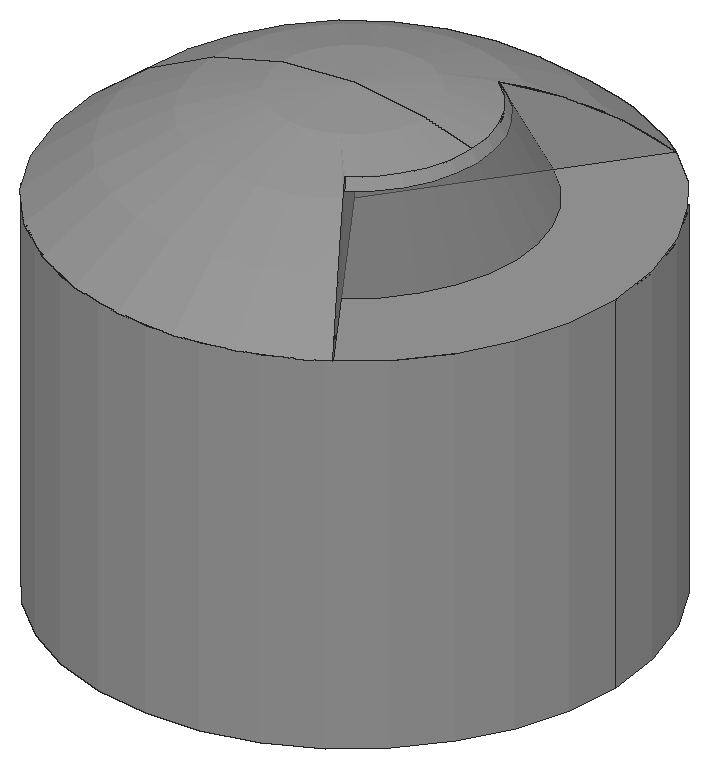
Revit family "4069404 Sylvania Lighting Fixture PATHE GROUND DECO MONO2 ELLIPTICAL 108LM LED 4K", category Lighting Fixtures, host Face, Revit 2016
Family settings
  Host = Face
  Part Type = Normal
  Round Connector Dimension = Use Diameter
  OmniClass Number = 23.80.70.00
  OmniClass Title = Lighting
  Cut with Voids When Loaded = No
  Light Source = No
  Shared = No
  Room Calculation Point = No
Parameters (values of type "4069404 PATHE/G/DM2 ELLIP 108LM LED 4K")
  Weight = "0.9 kg"
  Wattage Comments = ""
  WarrantyStartDate [instance] = "n/a"
  WarrantyGuarantorParts = "n/a"
  WarrantyDurationUnit = "n/a"
  WarrantyDurationParts = "n/a"
  WarrantyDescription = "n/a"
  Voltage = 0 V
  URL = "http://www.sylvania-lighting.com"
  TypeName = "PATHE/GROUND/DECO MONO2 ELLIPTICAL 108LM LED 4K"
  TypeLight_SYL = Pathe DM light : 4069404 PATHE/G/DM2 ELLIP 108LM LED 4K
  Type Image = <None>
  Type Comments = "n/a"
  SerialNumber [instance] = "n/a"
  RotationStart_SYL [instance] = if(BeamInclination22Deg_SYL, 22.00°, if(BeamInclination45Deg_SYL, 45.00°, 0.00°))  # 0.00°
  RotationEnd_SYL [instance] = RotationStart_SYL + 180.00°  # 180.00°
  Radius_SYL = 145 mm / 2  # 72.5 mm
  RadiusRef_SYL = 120 mm  # constant formula
  RadiusOpeningTop_SYL = 30 mm  # constant formula
  RadiusDome_SYL = 212 mm / 2  # 106 mm
  RadiusDiffuserBottom_SYL = 45 mm  # constant formula
  Offset_SYL = 0 mm
  Material_3_SYL = none
  PowerFactor = 0
  PowerConsumption = "4 W"
  NominalLength = 145 mm
  NominalHeight = 93 mm
  NominalDepth = 0 mm
  Name = "PATHE/GROUND/DECO MONO2 ELLIPTICAL 108LM LED 4K"
  ModelReference = Name  # "PATHE/GROUND/DECO MONO2 ELLIPTICAL 108LM LED 4K"
  ModelNumber = "4069404"
  Model = Name  # "PATHE/GROUND/DECO MONO2 ELLIPTICAL 108LM LED 4K"
  Material = "corrosion resistant die-cast aluminium housing, uv-resistant polycarbonate diffuser"
  ManufacturerName = "Feilo Sylvania"
  Manufacturer = "Feilo Sylvania"
  LuminousEfficacy = "27 lm/W"
  LuminaireType = ""
  LightOutputRatio = "100"
  LampsType = Lamp  # "LED"
  LampNominalLuminous = "108 lm"
  LampMacAdamStep = "n/a"
  LampColourTemperature = "4000 K"
  LampColourRenderingIndex = "80"
  Lamp = "LED"
  Keynote = "16500"
  InstallationDate [instance] = "n/a"
  InputVoltage = "n/a"
  InputNominalFrequency = "n/a"
  IngressProtection = "IP67"
  ImpactProtectionIndex = "IK10"
  IfcExportType = "IfcLightFixtureType"
  IfcExportAs = "IfcLightFixtureType"
  HieghtGround_SYL = 93 mm  # constant formula
  HeightDome_SYL = 32 mm  # constant formula
  ExpectedLife = 50000
  EmittionSurface_SYL = 40 mm  # constant formula
  ElectricShockClassification = "Class I"
  DurationUnit = "hours"
  DocumentationLiterature = "http://www.sylvania-lighting.com/product/en-int/products/4069404"
  DimmingControlOptions = "n/a"
  Material_2_SYL = PC-Sylvania-PatheDM-Glow
  Description = "Single emission recessed ground luminaire, Corrosion resistant die-cast aluminium, 108lm, 4W, 27lm/W, 4000K, CRI80+, 13°,40°, non dimmable, IP67, IK10, (ØxD) Ø145x125mm, 3 step MacAdam ellipse, 1.2kg, Class I, 220-240V, A++ A+ A"
  Default Elevation = 1219.2 mm
  CreatedOn = "9/26/2018"
  CreatedBy = "@sylvania-lighting.com"
  Cost = 0
  built-in parameter 1114216 [instance] = (empty or 0)
  ClassificationValue = "EF_70_80"
  ClassificationName = "Uniclass2015"
  Material_1_SYL = Aluminum 6061 T6 80 Hot Formed
  BeamInclination45Deg_SYL [instance] = no
  BeamInclination22Deg_SYL [instance] = no
  BarCode [instance] = "n/a"
  AssetType = "Fixed"
  AssetIdentifier [instance] = "n/a"
  Assembly Code = "D5020200"
  Apparent Load = 4 VA
  Material_4_SYL = none
  AngleOpening_SYL = 55.00°
  AngleOpeningMINUS_SYL = -AngleOpening_SYL  # -55.00°
Reference planes
  plane 1 "Center (Front/Back)": y = 0
  plane 2: z = 0
  plane 3 "Center (Left/Right)": x = 0
  plane 4: x = -72.5
  plane 5: z = 32
  plane 6: z = -93
  plane 7: z = -50.5
  plane 8: x = 45
  plane 9: x = 30
  plane 10: z = 24
  plane 11: x = 40
  plane 12: z = 14
Forms (mm)
  Revolve 1, void
    sketch origin (0, 0, 0) x (1, 0, 0) y (0, 0, 1)
      loop
        line (0, -93) -> (0, 0) -> (-72.5, 0) -> (-72.5, -93) -> (0, -93)
      axis (0, 0) -> (0, -93)
    angle from 360 to 0
  Revolve 2, solid, material "Aluminum 6061 T6 80 Hot Formed" <- "Material_1_SYL"
    sketch origin (0, 0, 0) x (1, 0, 0) y (0, 0, 1)
      loop
        arc (0, 32) -> (-38.982, 24.572) -> (-72.5, 3.329) r 106
        line (-72.5, 3.329) -> (-72.5, -93) -> (0, -93) -> (0, 32)
      axis (0, 32) -> (0, -93)
    angle from 360 to 0
  Blend 3, void
    base sketch origin (1223.4, -4572, 32) x (-1, 0, 0) y (0, -1, 0)
      loop
        arc (1206.193, -4596.575) -> (1193.4, -4572) -> (1206.193, -4547.425) r 30
        line (1206.193, -4547.425) -> (1154.571, -4473.702)
        arc (1154.571, -4473.702) -> (1103.4, -4572) -> (1154.571, -4670.298) r 120
        line (1154.571, -4670.298) -> (1206.193, -4596.575)
    top sketch origin (1223.4, -4572, 32) x (-1, 0, 0) y (0, -1, 0)
      loop
        line (1154.571, -4670.298) -> (1197.589, -4608.862)
        arc (1197.589, -4608.862) -> (1178.4, -4572) -> (1197.589, -4535.138) r 45
        line (1197.589, -4535.138) -> (1154.571, -4473.702)
        arc (1154.571, -4473.702) -> (1103.4, -4572) -> (1154.571, -4670.298) r 120
    from 0 to -28.671
  Revolve 4, void
    sketch origin (0, 0, 0) x (1, 0, 0) y (0, 0, 1)
      loop
        line (0, 24) -> (0, 3.329) -> (45, 3.329) -> (45, 24) -> (0, 24)
      axis (0, 24) -> (0, 3.329)
    angle from -55 <- "AngleOpeningMINUS_SYL" to 55 <- "AngleOpening_SYL"
  Revolve 5, solid, material "PC-Sylvania-PatheDM-Glow" <- "Material_2_SYL"
    sketch origin (0, 0, 0) x (1, 0, 0) y (0, 0, 1)
      loop
        line (0, 24) -> (0, 3.329) -> (45, 3.329) -> (34.185, 24) -> (0, 24)
      axis (0, 24) -> (0, 3.329)
    angle from -55 <- "AngleOpeningMINUS_SYL" to 55 <- "AngleOpening_SYL"
  Revolve 6, solid, not visible
    sketch origin (40, 1524, 1219.2) x (0, 1, 0) y (0, 0, 1)
      loop
        line (-1520, -1205.2) -> (-1520, -1202.402) -> (-1528, -1202.402) -> (-1528, -1205.2) -> (-1520, -1205.2)
      axis (-1520, -1205.2) -> (-1528, -1205.2)
    angle from 0 <- "RotationStart_SYL" to 180 <- "RotationEnd_SYL"
Cuts and joins
  Blend 3, Revolve 4 cuts Revolve 2
Lines and regions (mm)
  reference lines
    curve 1: circle (0, 0, -74) r 106 normal (0, -1, 0)
    curve 2: line (-72.5, 0, 3.329) -> (0, 0, 3.329)
    curve 3: circle (0, 0, 32) r 30 normal (0, 0, -1)
    curve 4: line (0, 0, 32) -> (34.415, 49.149, 32)
    curve 5: line (0, 0, 32) -> (34.415, -49.149, 32)
    curve 6: line (0, 0, 32) -> (40.15, 57.341, 32)
    curve 7: line (40.15, -57.341, 32) -> (0, 0, 32)
    curve 8: circle (0, 0, 32) r 45 normal (0, 0, -1)
    curve 9: line (30, 0, 32) -> (45, 0, 3.329)
    curve 10: line (40, -4, 1.596) -> (40, -4, 32)
    curve 11: line (40, 4, 32) -> (40, 4, 1.596)
    curve 12: circle (0, 0, 32) r 120 normal (0, 0, -1)
Dimensions and locks
  "Radius_SYL": plane 3 "Center (Left/Right)" to plane 4
  "HeightDome_SYL": plane 5 to plane 2
  "HieghtGround_SYL": plane 2 to plane 6
  "RadiusDome_SYL": plane 5 to curve 1
  "Offset_SYL": curve 6 to curve 4
  "Offset_SYL": curve 5 to curve 7
  "RadiusOpeningTop_SYL": plane 3 "Center (Left/Right)" to plane 9
  "RadiusDiffuserBottom_SYL": plane 3 "Center (Left/Right)" to plane 8
  locked: plane 5 to plane 10 at 8
  "EmittionSurface_SYL": plane 3 "Center (Left/Right)" to plane 11
  locked: plane 10 to plane 12 at 10
  curve 10 to plane 1 "Center (Front/Back)" to curve 11 = 4 mm locked, 4 mm locked
  "RadiusDome_SYL": radius of curve 1
  "RadiusOpeningTop_SYL": radius of curve 3
  "RadiusDiffuserBottom_SYL": radius of curve 8
  "RadiusRef_SYL": radius of curve 12
  "AngleOpening_SYL": angle plane 1 "Center (Front/Back)" to curve 4
  "AngleOpening_SYL": angle curve 5 to plane 1 "Center (Front/Back)"
  "AngleOpening_SYL": angle plane 1 "Center (Front/Back)" to curve 6
  "AngleOpening_SYL": angle curve 7 to plane 1 "Center (Front/Back)"
  aligned and locked: plane 2 to host face
  aligned and locked: level to host face
  aligned and locked: plane 3 "Center (Left/Right)" to curve 1
  aligned and locked: plane 3 "Center (Left/Right)" to curve 2
  aligned and locked: Revolve 1 sketch curve to plane 3 "Center (Left/Right)"  (x2)
  aligned and locked: Revolve 1 sketch curve to plane 6
  aligned and locked: Revolve 1 sketch curve to level
  aligned and locked: plane 4 to Revolve 1 sketch curve
  aligned and locked: Revolve 2 sketch curve to plane 3 "Center (Left/Right)"  (x2)
  aligned and locked: Revolve 2 sketch curve to curve 1
  aligned and locked: Revolve 2 sketch curve to plane 4
  aligned and locked: plane 3 "Center (Left/Right)" to curve 3
  aligned and locked: plane 1 "Center (Front/Back)" to curve 3
  aligned and locked: plane 3 "Center (Left/Right)" to curve 4
  aligned and locked: plane 1 "Center (Front/Back)" to curve 6
  aligned and locked: plane 3 "Center (Left/Right)" to curve 8
  aligned and locked: plane 1 "Center (Front/Back)" to curve 8
  aligned and locked: plane 5 to Blend 3
  aligned and locked: curve 2 to Blend 3
  aligned and locked: curve 9 to cut or joined group of Revolve 2, Blend 3, Revolve 4
  aligned and locked: plane 9 to curve 9
  aligned and locked: plane 5 to curve 9
  aligned and locked: plane 8 to curve 9
  aligned and locked: curve 2 to curve 9
  aligned and locked: Revolve 4 sketch curve to plane 3 "Center (Left/Right)"
  aligned and locked: Revolve 4 sketch curve to curve 2
  aligned and locked: plane 3 "Center (Left/Right)" to Revolve 4 sketch curve
  aligned and locked: Revolve 4 sketch curve to plane 8
  aligned and locked: plane 10 to Revolve 4 sketch curve
  aligned and locked: Revolve 5 sketch curve to plane 3 "Center (Left/Right)"
  aligned and locked: curve 9 to Revolve 5 sketch curve
  aligned and locked: Revolve 6 sketch curve to plane 12  (x2)
  aligned and locked: curve 11 to Revolve 6 sketch curve
  aligned and locked: curve 10 to Revolve 6 sketch curve
  aligned and locked: plane 6 to Revolve 2 sketch curve
  aligned and locked: plane 1 "Center (Front/Back)" to nested 1
  aligned and locked: plane 12 to nested 1
  aligned and locked: Blend 3 sketch curve to curve 12  (x2)
  aligned and locked: curve 6 to Blend 3 sketch curve
  aligned and locked: Blend 3 sketch curve to curve 7
  aligned and locked: Blend 3 sketch curve to curve 3
  aligned and locked: Revolve 5 to Blend 3 sketch curve  (x2)
  aligned and locked: Blend 3 sketch curve to curve 8
Automatic sketch dimensions
  host sketch curve to host sketch curve = 2438.4 mm  (x2)
  plane 6 to Revolve 1 sketch curve = 534.6 mm
  Revolve 1 sketch curve to plane 5 = 2589.058 mm
  plane 6 to Revolve 4 sketch curve = 534.6 mm
  Revolve 4 sketch curve to plane 5 = 2589.058 mm
  plane 6 to Revolve 5 sketch curve = 534.6 mm
  Revolve 5 sketch curve to plane 5 = 2589.058 mm
  curve 2 to plane 4 = 0 mm
  plane 5 to curve 11 = 0 mm
  plane 5 to curve 10 = 0 mm
  level to curve 10 = 1.596 mm
  level to curve 11 = 1.596 mm
  Revolve 6 sketch curve to Revolve 6 sketch curve = 2.798 mm
  Revolve 6 sketch curve to Revolve 6 sketch curve = 2550.941 mm
  Revolve 6 sketch curve to Revolve 6 sketch curve = 2093.409 mm
  plane 6 to Revolve 2 sketch curve = 534.6 mm
  Revolve 2 sketch curve to Revolve 2 sketch curve = 2589.058 mm
  curve 3 to curve 12 = 0 mm  (x2)
  Blend 3 sketch curve to Blend 3 sketch curve = 0 mm  (x2)
  Revolve 5 sketch curve to plane 3 "Center (Left/Right)" = 0 mm
  Revolve 5 sketch curve to plane 10 = 0 mm
  Revolve 5 sketch curve to plane 8 = 0 mm
Nested families
  nested 1: "Pathe DM light" at (40, 0, 14) x (0, 0, 1) z (1, 0, 0), type <- "TypeLight_SYL", type "4069404 PATHE/G/DM2 ELLIP 108LM LED 4K"
    with built-in parameter 1114216 (empty or 0)
Connectors
  electrical at (0, 0, 0), driven by "Apparent Load", driven by "PowerFactor", driven by "Voltage"
    settings: index 1, voltage 0 V, apparent load 4 VA, apparent load phase1 0 VA, apparent load phase2 0 VA, apparent load phase3 0 VA, power factor 0, load classification "Lighting", number of poles 1, system type 30, power factor state 1, is connector primary yes, connector utility no, sub classification motor no, connector description ""
Definition of nested family "Pathe DM light"
  Parameters (values of type "4069478 PATHE/G/DM3 ELLIP 320LM LED 4K")
    Wattage Comments = "n/a"
    Wattage = 11 W
    built-in parameter 1150110 = 1 (stored number, unit not read)
    URL = "http://www.sylvania-lighting.com"
    Type Image = (empty or 0)
    Type Comments = "n/a"
    built-in parameter 1114217 = 1 (stored number, unit not read)
    Tilt Angle = -90.00°
    built-in parameter 1150109 = 1 (stored number, unit not read)
    built-in parameter 1150134 = 12
    built-in parameter 1150113 = 1 (stored number, unit not read)
    RadiusTop_SYL = 463.25 mm
    RadiusSide_SYL = 88.395 mm
    RadiusLensCircle_SYL = 25.5 mm
    Photometric Web File = "Pathe Ground DM.ies"
    built-in parameter 1150142 = "IESNA:LM-63-2002\r\n[TEST] \"\"\r\n[TESTLAB] FEILO SYLVANIA Lighting EULUMDAT\r\n[TESTDATE] 26 Oct 2017\r\n[ISSUEDATE] 26 Oct 2017\r\n[MANUFAC] FEILO SYLVANIA Lighting EULUMDAT\r\n[LUMCAT] 0027954\r\n[LUMINAIRE] RefLED Superia v3 MR16 Dimmable 450lm 840 25°\r\n[FLASHAREA] 0.000195\r\n[LAMPCAT] RefLED Superia v3 MR16 Dimmable 450lm 840 25°\r\n[LAMP] RefLED Superia v3 MR16 Dimmable 450lm 840 25°\r\nTILT=NONE\r\n1 500.00 1.0 67 1 1 2 -0.032 -0.032 0.000\r\n1.00 1.00 5.00\r\n0.00 0.50 1.00 1.50 2.00 2.50 3.00 3.50 4.00 4.50 5.00 \r\n6.00 7.00 8.00 9.00 10.00 11.00 12.00 13.00 14.00 15.00 \r\n16.00 17.00 18.00 19.00 20.00 21.00 22.00 23.00 24.00 \r\n25.00 26.00 27.00 28.00 29.00 30.00 32.00 34.00 36.00 \r\n38.00 40.00 42.00 44.00 45.00 46.00 48.00 50.00 52.00 \r\n54.00 56.00 58.00 60.00 62.00 64.00 66.00 68.00 70.00 \r\n72.00 74.00 76.00 78.00 80.00 82.00 84.00 86.00 88.00 \r\n90.00 \r\n0.00 \r\n952.00 950.00 948.50 945.00 940.00 932.00 923.00 911.00 \r\n898.00 881.00 860.50 800.50 740.00 692.50 642.50 587.00 \r\n533.00 481.50 432.00 382.50 334.00 288.50 250.00 212.00 \r\n181.50 156.00 134.00 117.50 103.50 92.00 82.50 74.00 \r\n67.50 60.50 55.00 49.75 41.20 34.30 28.55 24.25 20.95 \r\n18.20 16.00 15.15 14.35 12.70 11.45 10.45 9.50 8.40 7.60 \r\n6.75 5.95 3.45 1.50 0.70 0.55 0.55 0.55 0.70 0.70 0.70 \r\n0.70 0.70 0.70 0.70 0.70 \r\n"
    Model = "PATHE/GROUND/DECO MONO3 ELLIPTICAL 320LM LED 4K"
    Manufacturer = "Feilo Sylvania"
    built-in parameter 1150105 = 609.28 (stored number, unit not read)
    Lumens = 320 lm
    built-in parameter 1150115 = 1 (stored number, unit not read)
    built-in parameter 1150137 = (empty or 0)
    built-in parameter 1150139 = (empty or 0)
    built-in parameter 1150112 = 1 (stored number, unit not read)
    built-in parameter 1150114 = 1 (stored number, unit not read)
    Lamp = "LED"
    Keynote = "16500"
    built-in parameter 1150132 = (empty or 0)
    built-in parameter 1150102 = (empty or 0)
    built-in parameter 1150107 = 4000 (stored number, unit not read)
    built-in parameter 1150138 = (empty or 0)
    built-in parameter 1150106 = 6.0928 (stored number, unit not read)
    built-in parameter 1150104 = 2.7026 (stored number, unit not read)
    Dimming Lamp Color Temperature Shift = (empty or 0)
    Description = "Single emission recessed ground luminaire, Corrosion resistant die-cast aluminium, 320lm, 11W, 29lm/W, 4000K, CRI80+, 13°,40°, non dimmable, IP67, IK10, (ØxD) Ø215x245mm, 3, Class I, 220-240V, A++ A+ A"
    Default Elevation = 1219.2 mm
    Cost = 0
    Color Filter = 16777215
    built-in parameter 1114216 [instance] = (empty or 0)
    built-in parameter 1114218 = 1 (stored number, unit not read)
    built-in parameter 1150133 = 10 (stored number, unit not read)
    Assembly Code = "D5020200"
    Apparent Load = 11 VA
  Types (12, lengths in mm): name | Wattage | built-in parameter 1150134 | Model | built-in parameter 1150105 | Lumens | built-in parameter 1150107 | built-in parameter 1150106 | built-in parameter 1150104 | Description | Apparent Load
    4069478 PATHE/G/DM3 ELLIP 320LM LED 4K | 11 W | 12 | "PATHE/GROUND/DECO MONO3 ELLIPTICAL 320LM LED 4K" | 609.28 (stored number, unit not read) | 320 lm | 4000 (stored number, unit not read) | 6.0928 (stored number, unit not read) | 2.7026 (stored number, unit not read) | "Single emission recessed ground luminaire, Corrosion resistant die-cast aluminium, 320lm, 11W, 29lm/W, 4000K, CRI80+, 13°,40°, non dimmable, IP67, IK10, (ØxD) Ø215x245mm, 3, Class I, 220-240V, A++ A+ A" | 11 VA
    4069477 PATHE/G/DM1 ELLIP 51LM LED 4K | 1.5 W | 12 | "PATHE/GROUND/DECO MONO1 ELLIPTICAL 51LM LED 4K" | 97.104 (stored number, unit not read) | 51 lm | 4000 (stored number, unit not read) | 0.97104 (stored number, unit not read) | 3.1587 (stored number, unit not read) | "Single emission recessed ground luminaire, Corrosion resistant die-cast aluminium, 51lm, 1.5W, 34lm/W, 4000K, CRI80+, 13°,40°, non dimmable, IP67, IK10, (ØxD) Ø95x95mm, 3 step MacAdam ellipse, 1.2kg, Class I, 220-240V, A++ A+ A" | 1.5 VA
    4069413 PATHE/G/DM3 NAR 323LM LED 3K | 11 W | (empty or 0) | "PATHE/GROUND/DECO MONO3 NARROW 323LM LED 3K" | 614.99 (stored number, unit not read) | 323 lm | 3000 (stored number, unit not read) | 6.1499 (stored number, unit not read) | 2.728 (stored number, unit not read) | "Single emission recessed ground luminaire, Corrosion resistant die-cast aluminium, 323lm, 11W, 29lm/W, 3000K, CRI80+, 10°, non dimmable, IP67, IK10,  (ØxD) Ø215x245mm, 3 step MacAdam ellipse, Class I, 220-240V, A++ A+ A" | 11 VA
    4069412 PATHE/G/DM3 ELLIP 302LM LED 3K | 11 W | (empty or 0) | "PATHE/GROUND/DECO MONO3 ELLIPTICAL 302LM LED 3K" | 575.01 (stored number, unit not read) | 302 lm | 3000 (stored number, unit not read) | 5.7501 (stored number, unit not read) | 2.5506 (stored number, unit not read) | "Single emission recessed ground luminaire, Corrosion resistant die-cast aluminium, 302lm, 11W, 27lm/W, 3000K, CRI80+, 13°,40°, non dimmable, IP67, IK10, (ØxD) Ø215x245mm, 3 step MacAdam ellipse, Class I, 220-240V, A++ A+ A" | 11 VA
    4069411 PATHE/G/DM3 NAR 342LM LED 4K | 11 W | 12 | "PATHE/GROUND/DECO MONO3 NARROW 342LM LED 4K" | 651.17 (stored number, unit not read) | 342 lm | 4000 (stored number, unit not read) | 6.5117 (stored number, unit not read) | 2.8884 (stored number, unit not read) | "Single emission recessed ground luminaire, Corrosion resistant die-cast aluminium, 342lm, 11W, 31lm/W, 4000K, CRI80+, 10°, non dimmable, IP67, IK10, (ØxD) Ø215x245mm, 3 step MacAdam ellipse, Class I, 220-240V, A++ A+ A" | 11 VA
    4069407 PATHE/G/DM2 NAR 98LM LED 3K | 4 W | (empty or 0) | "PATHE/GROUND/DECO MONO2 NARROW 98LM LED 3K" | 186.59 (stored number, unit not read) | 98 lm | 3000 (stored number, unit not read) | 1.8659 (stored number, unit not read) | 2.2761 (stored number, unit not read) | "Single emission recessed ground luminaire, Corrosion resistant die-cast aluminium, 98lm, 4W, 24lm/W, 3000K, CRI80+, 10°, non dimmable, IP67, IK10, (ØxD) Ø145x125mm, 3 step MacAdam ellipse, 1.2kg, Class I, 220-240V, A++ A+ A" | 4 VA
    4069406 PATHE/G/DM2 ELLIP 102LM LED 3K | 4 W | (empty or 0) | "PATHE/GROUND/DECO MONO2 ELLIPTICAL 102LM LED 3K" | 194.21 (stored number, unit not read) | 102 lm | 3000 (stored number, unit not read) | 1.9421 (stored number, unit not read) | 2.369 (stored number, unit not read) | "Single emission recessed ground luminaire, Corrosion resistant die-cast aluminium, 102lm, 4W, 25lm/W, 3000K, CRI80+, 13°,40°, non dimmable, IP67, IK10, (ØxD) Ø145x125mm, 3 step MacAdam ellipse, 1.2kg, Class I, 220-240V, A++ A+ A" | 4 VA
    4069405 PATHE/G/DM2 NAR 104LM LED 4K | 4 W | 12 | "PATHE/GROUND/DECO MONO2 NARROW 104LM LED 4K" | 198.02 (stored number, unit not read) | 104 lm | 4000 (stored number, unit not read) | 1.9802 (stored number, unit not read) | 2.4155 (stored number, unit not read) | "Single emission recessed ground luminaire, Corrosion resistant die-cast aluminium, 104lm, 4W, 26lm/W, 4000K, CRI80+, 10°, non dimmable, IP67, IK10, (ØxD) Ø145x125mm, 3 step MacAdam ellipse, 1.2kg, Class I, 220-240V, A++ A+ A" | 4 VA
    4069404 PATHE/G/DM2 ELLIP 108LM LED 4K | 4 W | 12 | "PATHE/GROUND/DECO MONO2 ELLIPTICAL 108LM LED 4K" | 205.63 (stored number, unit not read) | 108 lm | 4000 (stored number, unit not read) | 2.0563 (stored number, unit not read) | 2.5084 (stored number, unit not read) | "Single emission recessed ground luminaire, Corrosion resistant die-cast aluminium, 108lm, 4W, 27lm/W, 4000K, CRI80+, 13°,40°, non dimmable, IP67, IK10, (ØxD) Ø145x125mm, 3 step MacAdam ellipse, 1.2kg, Class I, 220-240V, A++ A+ A" | 4 VA
    4069403 PATHE/G/DM1 NAR 54LM LED 3K | 1.5 W | (empty or 0) | "PATHE/GROUND/DECO MONO1 NARROW 54LM LED 3K" | 102.82 (stored number, unit not read) | 54 lm | 3000 (stored number, unit not read) | 1.0282 (stored number, unit not read) | 3.3445 (stored number, unit not read) | "Single emission recessed ground luminaire, Corrosion resistant die-cast aluminium, 54lm, 1.5W, 36lm/W, 3000K, CRI80+, 10°, non dimmable, IP67, IK10, (ØxD) Ø95x95mm, 3 step MacAdam ellipse, Class I, 220-240V, A++ A+ A" | 1.5 VA
    4069402 PATHE/G/DM1 ELLIP 49LM LED 3K | 1.5 W | (empty or 0) | "PATHE/GROUND/DECO MONO1 ELLIPTICAL 49LM LED 3K" | 93.296 (stored number, unit not read) | 49 lm | 3000 (stored number, unit not read) | 0.93296 (stored number, unit not read) | 3.0348 (stored number, unit not read) | "Single emission recessed ground luminaire, Corrosion resistant die-cast aluminium, 49lm, 1.5W, 33lm/W, 3000K, CRI80+, 13°,40°, non dimmable, IP67, IK10, (ØxD) Ø95x95mm, 3 step MacAdam ellipse, 1.2kg, Class I, 220-240V, A++ A+ A" | 1.5 VA
    4069401 PATHE/G/DM1 NAR 57LM LED 4K | 1.5 W | 12 | "PATHE/GROUND/DECO MONO1 NARROW 57LM LED 4K" | 108.53 (stored number, unit not read) | 57 lm | 4000 (stored number, unit not read) | 1.0853 (stored number, unit not read) | 3.5303 (stored number, unit not read) | "Single emission recessed ground luminaire, Corrosion resistant die-cast aluminium, 57lm, 1.5W, 38lm/W, 4000K, CRI80+, 10°, non dimmable, IP67, IK10, (ØxD) Ø95x95mm, 3 step MacAdam ellipse, Class I, 220-240V, A++ A+ A" | 1.5 VA
  Reference planes
    plane 1 "Center (Front/Back)": y = 0
    plane 2: z = 0
    plane 3 "Center (Left/Right)": x = 0
  Forms (mm)
    Extrusion 1, solid
      sketch origin (4.2, 0, 0) x (1, 0, 0) y (0, 1, 0)
        loop
          line (-1219.2, 1219.2) -> (-1219.2, -1219.2) -> (1219.2, -1219.2) -> (1219.2, 1219.2) -> (-1219.2, 1219.2)
      from 0 to -68.017
  Dimensions and locks
    aligned and locked: plane 2 to Extrusion 1
    aligned and locked: level to Extrusion 1
    aligned and locked: plane 3 "Center (Left/Right)" to imposter light
    aligned and locked: imposter light to plane 1 "Center (Front/Back)"
    aligned and locked: plane 2 to imposter light
